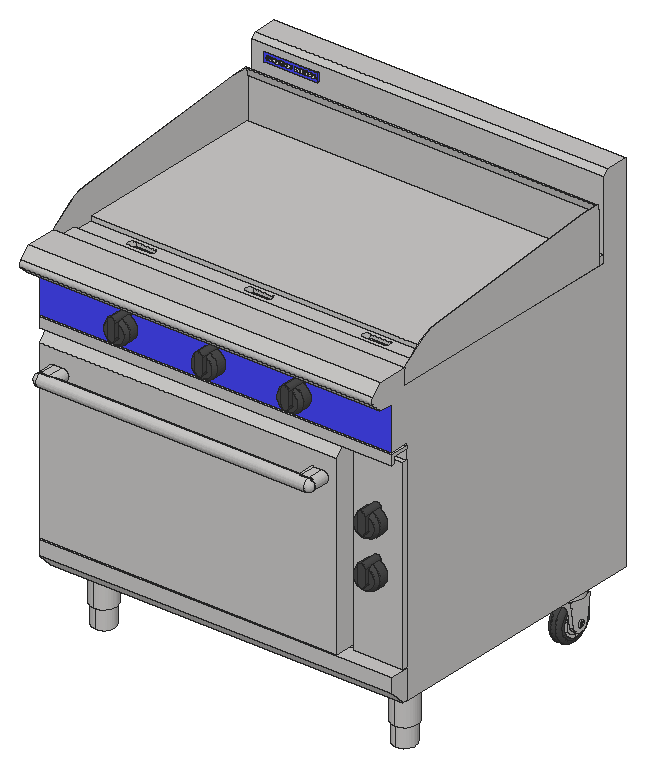
Revit family "QF_MOFFAT_BLUESEAL_CE_GE506A", category Specialty Equipment, Revit 2012
Parameters
  Width = 900 mm  # constant formula
  Weight in Pounds = 485
  Watts = 6500 W
  Volts = 400 V
  URL Cutsheet = "www.moffat.com"
  URL = "www.moffat.com"
  Type Mark [instance] = ""
  Status [instance] = ""
  Specification by User [instance] = ""
  Specification by Manufacturer = ""
  Show Logo [instance] = yes
  Show Clearance [instance] = yes
  Show Casters [instance] = yes
  Serial Number = ""
  Seismic Rating = ""
  SMACNA No = ""
  Revision Code [instance] = ""
  Phase = 3
  Omniclass Number and Title = ""
  Number of Poles [instance] = 1
  NAFEM Spec ID Number = ""
  Model = "GE506A"
  Min Ckt Ampacity = 0 A
  Mechanical Remarks = ""
  Mechanical Connection Type [instance] = ""
  Max Overcurrent Protection = 0 A
  Masterspec = ""
  Manufacturer = "MOFFAT BLUESEAL"
  Legs [instance] = not(Show Casters)  # no
  Item Number [instance] = ""
  Installed By [instance] = ""
  Identify Quantity as Lot [instance] = yes
  Height = 970 mm  # constant formula
  HP = ""
  Gas Size = 3/4"
  Gas RI Height [instance] = 0 mm
  Gas KW [instance] = 16.6
  Gas Input [instance] = 56869.0 Btu/h
  Gas Connection Height = 0 mm
  Furnished By [instance] = ""
  Foodservice Equipment Identifier [instance] = yes
  FL Amps = 9.4 A
  Electrical Remarks = "9.4A PER PHASE"
  Electric Connection Type = ""
  Elec Conn RI Height = 0 mm
  Elec Conn Connection Height = 0 mm
  Description = "900MM GAS RANGE WITH ELECTRIC STATIC OVEN"
  Depth = 812 mm  # constant formula
  Cycle = 50 Hz
  Conn Plug = ""
  Conn Conduit = yes
  CSI MasterFormat = ""
  CSI Master Format = ""
  Body Finish = QF_Finishes_Stainless Steel
  Apparent Power = 0 VA
Reference planes
  plane 1 "BACK": y = 0
  plane 2: z = 0
  plane 3 "LEFT": x = 0
  plane 4 "RIGHT": x = 900
  plane 5 "FRONT": y = -812
  plane 6 "TOP": z = 970
  plane 7 "Center Y": x = 450
  plane 8 "Center X": y = -406
  plane 9: x = 280
  plane 10: y = -574.272
  plane 11: x = 60
  plane 12: y = -304.972
  plane 13: y = -364.972
  plane 14: x = 74
  plane 15: y = -812
  plane 16: x = 834.5
  plane 17: y = -32
  plane 18: z = 655
  plane 19: y = -100
  plane 20: z = 1085
  plane 21: y = -705
Forms (mm)
  Extrusion 1, solid, material "QF_Finishes_Stainless Steel" <- "Body Finish"
    sketch origin (0, 0, 0) x (0, 1, 0) y (0, 0, 1)
      loop
        line (0, 150) -> (0, 1085) -> (-57.5, 1085) -> (-70, 1072.5) -> (-70, 875) -> (-705, 875) -> (-705, 915) -> (-783.97, 915) -> (-808.476, 890.494)
        arc (-808.476, 890.494) -> (-811.994, 882) -> (-808.476, 873.506) r 12.013
        line (-808.476, 873.506) -> (-784.97, 850) -> (-749, 850) -> (-749, 740) -> (-699, 740) -> (-699, 150) -> (0, 150)
    from 0 to 900
  Extrusion 2, solid, material "QF_Finishes_Stainless Steel"
    sketch origin (0, 7, 0) x (0, 1, 0) y (0, 0, 1)
      loop
        line (-706, 700) -> (-732, 700) -> (-756, 676) -> (-756, 227.5) -> (-706, 227.5) -> (-706, 700)
    from 0 to 760
  Extrusion 3, solid, material "QF_Finishes_Stainless Steel"
    sketch origin (723.5, 7, 0) x (0, 1, 0) y (0, 0, 1)
      loop
        line (-706, 700) -> (-721, 700) -> (-721, 227.5) -> (-706, 227.5) -> (-706, 700)
    from 51.5 to 176.5
  Revolve 4, solid, material "QF_Finishes_Stainless Steel" <- "Body Finish"
    sketch origin (834.5, -696.126, 0) x (0, 1, 0) y (0, 0, -1)
      loop
        line (39.376, -150) -> (71.126, -150) -> (71.126, 0) -> (43.626, 0) -> (43.626, -50) -> (39.376, -50) -> (39.376, -150)
      axis (71.126, -150) -> (71.126, 0)
    angle from 0 to 360
  Revolve 5, solid, material "QF_Finishes_Stainless Steel" <- "Body Finish"
    sketch origin (65.5, -696.126, 0) x (0, 1, 0) y (0, 0, 1)
      loop
        line (39.376, 150) -> (39.376, 50) -> (43.626, 50) -> (43.626, 0) -> (71.126, 0) -> (71.126, 150) -> (39.376, 150)
      axis (71.126, 150) -> (71.126, 0)
    angle from 0 to 360
  Extrusion 6, solid, material "QF_Finishes_Stainless Steel"
    sketch origin (-64.5, 0, 325) x (1, 0, 0) y (0, 1, 0)
      loop
        circle (834.5, -32) r 10
    from 330 to 371
  Revolve 7, solid, material "QF_Finishes_Black"
    sketch origin (669.351, 45.874, -0.118) x (0, 1, 0) y (0, 0, 1)
      loop
        line (-827.874, 829.5) -> (-838.874, 823.651) -> (-838.874, 797) -> (-794.874, 797) -> (-794.874, 802) -> (-804.874, 802) -> (-804.874, 829.5) -> (-827.874, 829.5)
      axis (-838.874, 797) -> (-794.874, 797)
    angle from 0 to 360
  Revolve 8, solid, material "QF_Finishes_Black"
    sketch origin (225.649, 45.874, -0.118) x (0, 1, 0) y (0, 0, -1)
      loop
        line (-827.874, -829.5) -> (-804.874, -829.5) -> (-804.874, -802) -> (-794.874, -802) -> (-794.874, -797) -> (-838.874, -797) -> (-838.874, -823.651) -> (-827.874, -829.5)
      axis (-838.874, -797) -> (-794.874, -797)
    angle from 0 to 360
  Revolve 9, solid, material "QF_Finishes_Black"
    sketch origin (450, 45.874, -0.118) x (0, 1, 0) y (0, 0, -1)
      loop
        line (-827.874, -829.5) -> (-804.874, -829.5) -> (-804.874, -802) -> (-794.874, -802) -> (-794.874, -797) -> (-838.874, -797) -> (-838.874, -823.651) -> (-827.874, -829.5)
      axis (-838.874, -797) -> (-794.874, -797)
    angle from 0 to 360
  Extrusion 10, solid, material "QF_Finishes_Black"
    sketch origin (373.456, 7, -0.118) x (-1, 0, 0) y (0, 0, -1)
      loop
        arc (158.3, -789) -> (148.3, -779) -> (138.3, -789) r 10
        line (138.3, -789) -> (138.3, -824)
        arc (138.3, -824) -> (148.3, -834) -> (158.3, -824) r 10
        line (158.3, -824) -> (158.3, -789)
    from 759 to 808
  Extrusion 11, solid, material "QF_Finishes_Black"
    sketch origin (521.544, 7, -0.118) x (1, 0, 0) y (0, 0, 1)
      loop
        line (158.3, 789) -> (158.3, 824)
        arc (158.3, 824) -> (148.3, 834) -> (138.3, 824) r 10
        line (138.3, 824) -> (138.3, 789)
        arc (138.3, 789) -> (148.3, 779) -> (158.3, 789) r 10
    from 759 to 808
  Extrusion 12, solid, material "QF_Finishes_Black"
    sketch origin (597.807, 7, -0.118) x (-1, 0, 0) y (0, 0, -1)
      loop
        arc (158.3, -789) -> (148.3, -779) -> (138.3, -789) r 10
        line (138.3, -789) -> (138.3, -824)
        arc (138.3, -824) -> (148.3, -834) -> (158.3, -824) r 10
        line (158.3, -824) -> (158.3, -789)
    from 759 to 808
  Revolve 13, solid, material "QF_Finishes_Black"
    sketch origin (836.851, 80.874, -243.743) x (0, 1, 0) y (0, 0, 1)
      loop
        line (-827.874, 829.5) -> (-838.874, 823.651) -> (-838.874, 797) -> (-794.874, 797) -> (-794.874, 802) -> (-804.874, 802) -> (-804.874, 829.5) -> (-827.874, 829.5)
      axis (-838.874, 797) -> (-794.874, 797)
    angle from 0 to 360
  Extrusion 14, solid, material "QF_Finishes_Black"
    sketch origin (689.044, 42, -243.743) x (1, 0, 0) y (0, 0, 1)
      loop
        line (158.3, 789) -> (158.3, 824)
        arc (158.3, 824) -> (148.3, 834) -> (138.3, 824) r 10
        line (138.3, 824) -> (138.3, 789)
        arc (138.3, 789) -> (148.3, 779) -> (158.3, 789) r 10
    from 759 to 808
  Extrusion 15, solid, material "QF_Door-Drawer Clearances", visible <- "Show Clearance", detail levels coarse
    sketch origin (0, 7, 0) x (0, -1, 0) y (0, 0, 1)
      loop
        line (756, 697.347) -> (756, 227.5) -> (1225.847, 227.5)
        arc (1225.847, 227.5) -> (1088.232, 559.732) -> (756, 697.347) r 469.847
    from 0 to -760
  Extrusion 16, void
    sketch origin (0, 0, 220) x (1, 0, 0) y (0, 1, 0)
      loop
        line (824, -87) -> (824, 0) -> (694, 0) -> (694, -39) -> (744, -87) -> (824, -87)
    from 0 to 476
  Extrusion 17, solid, material "QF_Finishes_Stainless Steel"
    sketch origin (0, -749, 227.5) x (0, 0, 1) y (-1, 0, 0)
      loop
        line (380.625, -38.246) -> (380.625, -58.528)
        arc (380.625, -58.528) -> (395.625, -73.528) -> (410.625, -58.528) r 15
        line (410.625, -58.528) -> (410.625, -38.246)
        arc (410.625, -38.246) -> (395.625, -23.246) -> (380.625, -38.246) r 15
      loop
        arc (380.625, -723.039) -> (395.625, -738.039) -> (410.625, -723.039) r 15
        line (410.625, -723.039) -> (410.625, -702.757)
        arc (410.625, -702.757) -> (395.625, -687.757) -> (380.625, -702.757) r 15
        line (380.625, -702.757) -> (380.625, -723.039)
    from 0 to 44
  Revolve 18, solid, material "QF_Finishes_Stainless Steel"
    sketch origin (0, -793, 0) x (1, 0, 0) y (0, 0, 1)
      loop
        arc (738.039, 623.125) -> (733.646, 633.732) -> (723.039, 638.125) r 15
        line (723.039, 638.125) -> (38.246, 638.125)
        arc (38.246, 638.125) -> (27.64, 633.732) -> (23.246, 623.125) r 15
        line (23.246, 623.125) -> (738.039, 623.125)
      axis (738.039, 623.125) -> (23.246, 623.125)
    angle from 0 to 360
  Extrusion 19, solid, material "QF_Finishes_Stainless Steel" <- "Body Finish"
    sketch origin (0, 7, 0) x (0, 1, 0) y (0, 0, 1)
      loop
        line (-756, 710) -> (-747.224, 710) -> (-749.613, 726.999) -> (-707.93, 726.999) -> (-707.93, 734.003) -> (-756, 734.003) -> (-756, 710)
    from 0 to 900
  Extrusion 20, solid, material "QF_Finishes_Stainless Steel" <- "Body Finish"
    sketch origin (0, 4.73, 0) x (0, 1, 0) y (0, 0, 1)
      loop
        line (-753.73, 222.5) -> (-753.73, 186) -> (-717.802, 150.071) -> (-703.73, 150.071) -> (-703.73, 222.5) -> (-753.73, 222.5)
    from 0 to 900
  Extrusion 21, solid, material "QF_Finishes_Stainless Steel", visible <- "Show Casters"
    sketch origin (71.501, 133.353, -8.783) x (0, 1, 0) y (0, 0, 1)
      loop
        line (-201.603, 118.783) -> (-265.103, 118.783) -> (-252.746, 53.895)
        arc (-252.746, 53.895) -> (-233.353, 38.783) -> (-213.959, 53.895) r 20
        line (-213.959, 53.895) -> (-201.603, 118.783)
    from -35.667 to 22.923
  Revolve 22, solid, material "QF_Finishes_Stainless Steel", visible <- "Show Casters"
    sketch origin (65, -203, 0) x (0, 1, 0) y (0, 0, 1)
      loop
        line (67.25, 150) -> (67.25, 110) -> (103, 110) -> (103, 150) -> (67.25, 150)
      axis (103, 150) -> (103, 110)
    angle from 0 to 360
  Revolve 23, solid, material "QF_Finishes_Stainless Steel", visible <- "Show Casters"
    sketch origin (834.5, -203, 0) x (0, 1, 0) y (0, 0, -1)
      loop
        line (67.25, -150) -> (103, -150) -> (103, -110) -> (67.25, -110) -> (67.25, -150)
      axis (103, -150) -> (103, -110)
    angle from 0 to 360
  Revolve 24, solid, material "QF_Finishes_Stainless Steel", visible <- "Show Casters"
    sketch origin (785.276, -99.755, -13.653) x (1, 0, 0) y (0, 0, 1)
      loop
        line (14.841, 64.453) -> (83.584, 64.453) -> (83.584, 67.958) -> (82.314, 69.228) -> (80.79, 69.228) -> (80.79, 72.674) -> (68.644, 72.674) -> (68.644, 82.639) -> (65.088, 84.692) -> (63.738, 93.028) -> (65.881, 93.028) -> (65.881, 99.378) -> (65.088, 99.378) -> (65.088, 105.728)
        arc (65.088, 105.728) -> (62.298, 112.463) -> (55.563, 115.253) r 9.525
        line (55.563, 115.253) -> (42.863, 115.253)
        arc (42.863, 115.253) -> (36.127, 112.463) -> (33.338, 105.728) r 9.525
        line (33.338, 105.728) -> (33.338, 99.378) -> (32.544, 99.378) -> (32.544, 93.028) -> (34.687, 93.028) -> (33.352, 84.781) -> (29.782, 82.719) -> (29.782, 72.674) -> (17.635, 72.674) -> (17.635, 69.228) -> (16.111, 69.228) -> (14.841, 67.958) -> (14.841, 64.453)
      axis (14.841, 64.453) -> (83.584, 64.453)
    angle from 0 to 360
  Extrusion 25, solid, material "QF_Finishes_Stainless Steel", visible <- "Show Casters"
    sketch origin (841.001, 133.353, -8.783) x (0, 1, 0) y (0, 0, 1)
      loop
        line (-201.603, 118.783) -> (-265.103, 118.783) -> (-252.746, 53.895)
        arc (-252.746, 53.895) -> (-233.353, 38.783) -> (-213.959, 53.895) r 20
        line (-213.959, 53.895) -> (-201.603, 118.783)
    from -35.667 to 22.923
  Revolve 26, solid, material "QF_Finishes_Stainless Steel", visible <- "Legs"
    sketch origin (65, -165, 0) x (0, 1, 0) y (0, 0, 1)
      loop
        line (33.25, 150) -> (33.25, 50) -> (37.5, 50) -> (37.5, 0) -> (65, 0) -> (65, 150) -> (33.25, 150)
      axis (65, 150) -> (65, 0)
    angle from 0 to 360
  Revolve 27, solid, material "QF_Finishes_Stainless Steel", visible <- "Legs"
    sketch origin (834.5, -165, 0) x (0, 1, 0) y (0, 0, -1)
      loop
        line (33.25, -150) -> (65, -150) -> (65, 0) -> (37.5, 0) -> (37.5, -50) -> (33.25, -50) -> (33.25, -150)
      axis (65, -150) -> (65, 0)
    angle from 0 to 360
  Revolve 28, solid, material "QF_Finishes_Stainless Steel", visible <- "Show Casters"
    sketch origin (114.224, -99.755, -13.653) x (-1, 0, 0) y (0, 0, -1)
      loop
        line (14.841, -64.453) -> (14.841, -67.958) -> (16.111, -69.228) -> (17.635, -69.228) -> (17.635, -72.674) -> (29.782, -72.674) -> (29.782, -82.719) -> (33.352, -84.781) -> (34.687, -93.028) -> (32.544, -93.028) -> (32.544, -99.378) -> (33.338, -99.378) -> (33.338, -105.728)
        arc (33.338, -105.728) -> (36.127, -112.463) -> (42.863, -115.253) r 9.525
        line (42.863, -115.253) -> (55.563, -115.253)
        arc (55.563, -115.253) -> (62.298, -112.463) -> (65.088, -105.728) r 9.525
        line (65.088, -105.728) -> (65.088, -99.378) -> (65.881, -99.378) -> (65.881, -93.028) -> (63.738, -93.028) -> (65.088, -84.692) -> (68.644, -82.639) -> (68.644, -72.674) -> (80.79, -72.674) -> (80.79, -69.228) -> (82.314, -69.228) -> (83.584, -67.958) -> (83.584, -64.453) -> (14.841, -64.453)
      axis (14.841, -64.453) -> (83.584, -64.453)
    angle from 0 to 360
  Extrusion 29, solid, material "QF_Finishes_Stainless Steel"
    sketch origin (0, 0, 0) x (1, 0, 0) y (0, 1, 0)
      loop
        circle (826, -501) r 6.35
    from 150 to 147.817
  Revolve 30, solid, material "QF_Finishes_Black"
    sketch origin (836.851, 80.874, -363.743) x (0, 1, 0) y (0, 0, 1)
      loop
        line (-827.874, 829.5) -> (-838.874, 823.651) -> (-838.874, 797) -> (-794.874, 797) -> (-794.874, 802) -> (-804.874, 802) -> (-804.874, 829.5) -> (-827.874, 829.5)
      axis (-838.874, 797) -> (-794.874, 797)
    angle from 0 to 360
  Extrusion 31, solid, material "QF_Finishes_Black"
    sketch origin (689.044, 42, -363.743) x (1, 0, 0) y (0, 0, 1)
      loop
        line (158.3, 789) -> (158.3, 824)
        arc (158.3, 824) -> (148.3, 834) -> (138.3, 824) r 10
        line (138.3, 824) -> (138.3, 789)
        arc (138.3, 789) -> (148.3, 779) -> (158.3, 789) r 10
    from 759 to 808
Cuts and joins
  Extrusion 16 cuts Extrusion 1
Lines and regions (mm)
  Split face 1
    outline origin (900, 0, 1085) x (-1, 0, 0) y (0, -1, 0)
      loop
        arc (867.206, 18.385) -> (875.866, 23.385) -> (875.866, 33.385) r 10
        line (875.866, 33.385) -> (871.824, 40.385)
        arc (871.824, 40.385) -> (868.164, 44.045) -> (863.164, 45.385) r 10
        line (863.164, 45.385) -> (635.206, 45.385)
        arc (635.206, 45.385) -> (626.545, 40.385) -> (626.545, 30.385) r 10
        line (626.545, 30.385) -> (630.587, 23.385)
        arc (630.587, 23.385) -> (634.247, 19.725) -> (639.247, 18.385) r 10
        line (639.247, 18.385) -> (867.206, 18.385)
  Split face 2
    outline origin (900, 0, 1085) x (-1, 0, 0) y (0, -1, 0)
      loop
        arc (567.206, 18.385) -> (575.866, 23.385) -> (575.866, 33.385) r 10
        line (575.866, 33.385) -> (571.824, 40.385)
        arc (571.824, 40.385) -> (568.164, 44.045) -> (563.164, 45.385) r 10
        line (563.164, 45.385) -> (335.206, 45.385)
        arc (335.206, 45.385) -> (326.545, 40.385) -> (326.545, 30.385) r 10
        line (326.545, 30.385) -> (330.587, 23.385)
        arc (330.587, 23.385) -> (334.247, 19.725) -> (339.247, 18.385) r 10
        line (339.247, 18.385) -> (567.206, 18.385)
  Split face 3
    outline origin (900, 0, 1085) x (-1, 0, 0) y (0, -1, 0)
      loop
        arc (35.206, 45.385) -> (26.545, 40.385) -> (26.545, 30.385) r 10
        line (26.545, 30.385) -> (30.587, 23.385)
        arc (30.587, 23.385) -> (34.247, 19.725) -> (39.247, 18.385) r 10
        line (39.247, 18.385) -> (267.206, 18.385)
        arc (267.206, 18.385) -> (275.866, 23.385) -> (275.866, 33.385) r 10
        line (275.866, 33.385) -> (271.824, 40.385)
        arc (271.824, 40.385) -> (268.164, 44.045) -> (263.164, 45.385) r 10
        line (263.164, 45.385) -> (35.206, 45.385)
  symbolic lines
    curve 1: line (0, 0, 0) -> (0, -812, 0)
    curve 2: line (900, 0, 0) -> (0, 0, 0)
    curve 3: line (900, -812, 0) -> (900, 0, 0)
    curve 4: line (0, -70, 0) -> (900, -70, 0)
    curve 5: line (900, -812, 0) -> (0, -812, 0)
    curve 6: line (900, -705, 0) -> (0, -705, 0)
    curve 7: line (0, -701.7, 0) -> (900, -701.7, 0)
    curve 8: line (900, -72.734, 0) -> (0, -72.734, 0)
    curve 9: arc (22.65, -812, 0) -> (34.104, -822.278, 0) -> (48.889, -826.544, 0) r 34.455
    curve 10: line (48.889, -826.544, 0) -> (721.858, -826.544, 0)
    curve 11: arc (721.858, -826.544, 0) -> (736.403, -822.647, 0) -> (747.05, -812, 0) r 29.089
    curve 15: line (32.794, -18.385, 0) -> (260.753, -18.385, 0)
    curve 16: arc (260.753, -18.385, 0) -> (265.753, -19.725, 0) -> (269.413, -23.385, 0) r 10
    curve 17: line (269.413, -23.385, 0) -> (273.455, -30.385, 0)
    curve 18: arc (273.455, -30.385, 0) -> (273.455, -40.385, 0) -> (264.794, -45.385, 0) r 10
    curve 19: line (264.794, -45.385, 0) -> (36.836, -45.385, 0)
    curve 20: arc (36.836, -45.385, 0) -> (31.836, -44.045, 0) -> (28.176, -40.385, 0) r 10
    curve 21: line (28.176, -40.385, 0) -> (24.134, -33.385, 0)
    curve 22: arc (24.134, -33.385, 0) -> (24.134, -23.385, 0) -> (32.794, -18.385, 0) r 10
    curve 23: line (560.753, -18.385, 0) -> (332.794, -18.385, 0)
    curve 24: arc (332.794, -18.385, 0) -> (324.134, -23.385, 0) -> (324.134, -33.385, 0) r 10
    curve 25: line (324.134, -33.385, 0) -> (328.176, -40.385, 0)
    curve 26: arc (328.176, -40.385, 0) -> (331.836, -44.045, 0) -> (336.836, -45.385, 0) r 10
    curve 27: line (336.836, -45.385, 0) -> (564.794, -45.385, 0)
    curve 28: arc (564.794, -45.385, 0) -> (573.455, -40.385, 0) -> (573.455, -30.385, 0) r 10
    curve 29: line (573.455, -30.385, 0) -> (569.413, -23.385, 0)
    curve 30: arc (569.413, -23.385, 0) -> (565.753, -19.725, 0) -> (560.753, -18.385, 0) r 10
    curve 31: line (632.794, -18.385, 0) -> (860.753, -18.385, 0)
    curve 32: arc (860.753, -18.385, 0) -> (865.753, -19.725, 0) -> (869.413, -23.385, 0) r 10
    curve 33: line (869.413, -23.385, 0) -> (873.455, -30.385, 0)
    curve 34: arc (873.455, -30.385, 0) -> (873.455, -40.385, 0) -> (864.794, -45.385, 0) r 10
    curve 35: line (864.794, -45.385, 0) -> (636.836, -45.385, 0)
    curve 36: arc (636.836, -45.385, 0) -> (631.836, -44.045, 0) -> (628.176, -40.385, 0) r 10
    curve 37: line (628.176, -40.385, 0) -> (624.134, -33.385, 0)
    curve 38: arc (624.134, -33.385, 0) -> (624.134, -23.385, 0) -> (632.794, -18.385, 0) r 10
    curve 39: line (0, -783.97, 0) -> (900, -783.97, 0)
    curve 40: line (0, -57.5, 0) -> (900, -57.5, 0)
  symbolic lines, style "QF_Door-Drawer Clearances", visible <- "Show Clearance"
    curve 12: line (0, -1218.847, 0) -> (0, -812, 0)
    curve 13: line (0, -1218.847, 0) -> (760, -1218.847, 0)
    curve 14: line (760, -1218.847, 0) -> (760, -812, 0)
Dimensions and locks
  equal spacing: plane 3 "LEFT", plane 7 "Center Y", plane 4 "RIGHT"
  "Width": plane 3 "LEFT" to plane 4 "RIGHT"
  equal spacing: plane 5 "FRONT", plane 8 "Center X", plane 1 "BACK"
  plane 5 "FRONT" to plane 1 "BACK" = 812 mm  (x2)
  equal spacing: plane 4 "RIGHT", plane 7 "Center Y", plane 3 "LEFT"
  plane 4 "RIGHT" to plane 3 "LEFT" = 900 mm
  "Height": plane 6 "TOP" to level
  plane 10 to plane 1 "BACK" = 574.272 mm
  plane 12 to plane 1 "BACK" = 304.972 mm  (x2)
  plane 11 to plane 3 "LEFT" = 60 mm
  plane 14 to plane 3 "LEFT" = 74 mm
  plane 9 to plane 3 "LEFT" = 280 mm
  "Depth": plane 1 "BACK" to plane 15
  plane 15 to plane 5 "FRONT" = 0 mm
  plane 6 "TOP" to plane 2 = 970 mm
  plane 2 to Extrusion 1 sketch curve = 875 mm
  locked: plane 2 to Extrusion 1 sketch curve at 915
  Revolve 24 sketch curve to Revolve 24 sketch curve = 50.8 mm
  Revolve 28 sketch curve to Revolve 28 sketch curve = 50.8 mm
  plane 20 to level = 1085 mm
  Extrusion 29 sketch curve to plane 1 "BACK" = 501 mm
  Extrusion 29 sketch curve to plane 4 "RIGHT" = 74 mm
  aligned and locked: level to plane 2
  aligned and locked: curve 3 to plane 4 "RIGHT"
Automatic sketch dimensions
  plane 1 "BACK" to curve 1 = 0 mm
  curve 1 to plane 3 "LEFT" = 0 mm
  plane 5 "FRONT" to curve 9 = 0 mm
  plane 21 to curve 6 = 0 mm
  plane 3 "LEFT" to curve 9 = 22.65 mm
  curve 21 to plane 17 = 1.385 mm
  plane 3 "LEFT" to curve 21 = 24.134 mm
  curve 21 to curve 20 = 4.041 mm
  plane 17 to curve 22 = 13.615 mm
  curve 22 to curve 22 = 8.66 mm
  curve 20 to plane 17 = 3.385 mm
  curve 22 to curve 20 = 4.041 mm
  curve 9 to plane 11 = 11.111 mm
  curve 9 to plane 11 = 9.192 mm
  curve 15 to plane 9 = 19.247 mm
  curve 19 to plane 9 = 15.206 mm
  plane 17 to curve 17 = 8.615 mm
  curve 16 to curve 17 = 8.66 mm
  plane 17 to curve 17 = 1.615 mm
  curve 17 to plane 9 = 6.545 mm
  curve 24 to plane 17 = 1.385 mm
  plane 9 to curve 24 = 44.134 mm
  curve 25 to curve 26 = 4.041 mm
  plane 17 to curve 24 = 3.615 mm
  curve 24 to curve 24 = 8.66 mm
  curve 26 to plane 17 = 3.385 mm
  curve 24 to curve 26 = 4.041 mm
  plane 17 to curve 30 = 3.615 mm
  plane 7 "Center Y" to curve 30 = 110.753 mm
  curve 28 to plane 17 = 3.385 mm
  curve 30 to curve 28 = 4.041 mm  (x2)
  plane 17 to curve 29 = 8.615 mm
  plane 17 to curve 28 = 1.615 mm
  curve 38 to plane 17 = 1.385 mm
  curve 29 to curve 38 = 50.679 mm
  curve 37 to curve 36 = 4.041 mm
  plane 17 to curve 38 = 3.615 mm
  curve 38 to curve 38 = 8.66 mm
  curve 36 to curve 36 = 8.66 mm
  plane 5 "FRONT" to curve 11 = 14.544 mm
  curve 11 to plane 16 = 112.642 mm
  curve 11 to curve 11 = 25.191 mm
  curve 14 to plane 16 = 74.5 mm
  plane 16 to curve 32 = 26.253 mm
  curve 34 to plane 17 = 3.385 mm
  curve 32 to curve 34 = 4.041 mm
  plane 17 to curve 33 = 8.615 mm
  curve 31 to curve 33 = 8.66 mm
  plane 17 to curve 33 = 1.615 mm
  curve 32 to curve 33 = 4.041 mm
  curve 12 to curve 10 = 392.303 mm
  curve 39 to plane 5 "FRONT" = 28.03 mm
  curve 7 to plane 21 = 3.3 mm
  plane 19 to curve 8 = 27.266 mm
  curve 8 to curve 4 = 2.734 mm
  curve 4 to curve 40 = 12.5 mm
  curve 20 to curve 20 = 10 mm
  curve 36 to curve 37 = 7 mm
  Extrusion 1 sketch curve to plane 21 = 0 mm
  Extrusion 1 sketch curve to plane 20 = 0 mm
  Extrusion 1 sketch curve to plane 1 "BACK" = 0 mm
  plane 21 to Extrusion 1 sketch curve = 44 mm
  Extrusion 1 sketch curve to plane 5 "FRONT" = 28.03 mm
  Extrusion 1 sketch curve to plane 5 "FRONT" = 27.03 mm
  Extrusion 1 sketch curve to plane 5 "FRONT" = 12.018 mm
  Extrusion 1 sketch curve to plane 5 "FRONT" = 3.524 mm  (x2)
  Extrusion 1 sketch curve to plane 21 = 6 mm
  Extrusion 1 sketch curve to plane 20 = 12.5 mm
  plane 19 to Extrusion 1 sketch curve = 30 mm
  Extrusion 1 sketch curve to Extrusion 1 sketch curve = 12.5 mm
  Extrusion 1 sketch curve to Extrusion 1 sketch curve = 41.494 mm
  Extrusion 1 sketch curve to Extrusion 1 sketch curve = 25 mm
  plane 18 to Extrusion 1 sketch curve = 85 mm
  level to Extrusion 1 sketch curve = 150 mm
  Extrusion 1 sketch curve to Extrusion 1 sketch curve = 8.494 mm
  plane 21 to Extrusion 2 sketch curve = 44 mm
  plane 21 to Extrusion 2 sketch curve = 20 mm
  Extrusion 2 sketch curve to plane 21 = 6 mm
  level to Extrusion 2 sketch curve = 227.5 mm
  plane 18 to Extrusion 2 sketch curve = 21 mm
  plane 18 to Extrusion 2 sketch curve = 45 mm
  plane 21 to Extrusion 3 sketch curve = 9 mm
  Extrusion 3 sketch curve to plane 21 = 6 mm
  level to Extrusion 3 sketch curve = 227.5 mm
  plane 18 to Extrusion 3 sketch curve = 45 mm
  Revolve 4 sketch curve to level = 0 mm
  Revolve 4 sketch curve to plane 21 = 48.25 mm
  Revolve 4 sketch curve to Revolve 4 sketch curve = 4.25 mm
  Revolve 4 sketch curve to Revolve 4 sketch curve = 27.5 mm  (x2)
  level to Revolve 4 sketch curve = 50 mm
  Revolve 4 sketch curve to Revolve 4 sketch curve = 0 mm
  Revolve 4 sketch curve to Revolve 4 sketch curve = 100 mm
  Revolve 4 sketch curve to Revolve 4 sketch curve = 55 mm
  Revolve 5 sketch curve to level = 0 mm
  Revolve 5 sketch curve to plane 21 = 48.25 mm
  Revolve 5 sketch curve to Revolve 5 sketch curve = 4.25 mm
  Revolve 5 sketch curve to Revolve 5 sketch curve = 27.5 mm  (x2)
  Revolve 5 sketch curve to level = 55 mm
  Revolve 5 sketch curve to Revolve 5 sketch curve = 50 mm
  Revolve 5 sketch curve to Revolve 5 sketch curve = 0 mm
  Revolve 5 sketch curve to Revolve 5 sketch curve = 100 mm
  Extrusion 6 sketch curve to plane 17 = 0 mm
  Extrusion 6 sketch curve to plane 16 = 64.5 mm
  Revolve 7 sketch curve to plane 5 "FRONT" = 19 mm
  Revolve 7 sketch curve to Revolve 7 sketch curve = 0 mm  (x2)
  Revolve 7 sketch curve to Revolve 7 sketch curve = 11 mm
  Revolve 7 sketch curve to Revolve 7 sketch curve = 12.7 mm
  Revolve 7 sketch curve to Revolve 7 sketch curve = 23 mm
  Revolve 7 sketch curve to Revolve 7 sketch curve = 10 mm
  plane 18 to Revolve 7 sketch curve = 141.882 mm
  Revolve 7 sketch curve to Revolve 7 sketch curve = 5 mm
  Revolve 7 sketch curve to Revolve 7 sketch curve = 26.651 mm
  Revolve 7 sketch curve to Revolve 7 sketch curve = 5.849 mm
  Revolve 8 sketch curve to plane 5 "FRONT" = 19 mm
  Revolve 8 sketch curve to Revolve 8 sketch curve = 0 mm  (x2)
  Revolve 8 sketch curve to Revolve 8 sketch curve = 11 mm
  Revolve 8 sketch curve to Revolve 8 sketch curve = 12.7 mm
  Revolve 8 sketch curve to Revolve 8 sketch curve = 23 mm
  Revolve 8 sketch curve to Revolve 8 sketch curve = 10 mm
  Revolve 8 sketch curve to plane 6 "TOP" = 140.618 mm
  Revolve 8 sketch curve to Revolve 8 sketch curve = 5.849 mm
  Revolve 8 sketch curve to Revolve 8 sketch curve = 27.5 mm
  Revolve 8 sketch curve to Revolve 8 sketch curve = 5 mm
  Revolve 9 sketch curve to plane 5 "FRONT" = 19 mm
  Revolve 9 sketch curve to Revolve 9 sketch curve = 0 mm  (x2)
  Revolve 9 sketch curve to Revolve 9 sketch curve = 11 mm
  Revolve 9 sketch curve to Revolve 9 sketch curve = 12.7 mm
  Revolve 9 sketch curve to Revolve 9 sketch curve = 23 mm
  Revolve 9 sketch curve to Revolve 9 sketch curve = 10 mm
  Revolve 9 sketch curve to plane 6 "TOP" = 140.618 mm
  Revolve 9 sketch curve to Revolve 9 sketch curve = 5.849 mm
  Revolve 9 sketch curve to Revolve 9 sketch curve = 27.5 mm
  Revolve 9 sketch curve to Revolve 9 sketch curve = 5 mm
  plane 14 to Extrusion 10 sketch curve = 161.156 mm
  Extrusion 10 sketch curve to Extrusion 10 sketch curve = 10 mm
  Extrusion 10 sketch curve to plane 6 "TOP" = 146.118 mm
  Extrusion 10 sketch curve to Extrusion 10 sketch curve = 35 mm
  Extrusion 11 sketch curve to plane 16 = 174.656 mm
  Extrusion 11 sketch curve to Extrusion 11 sketch curve = 10 mm
  plane 18 to Extrusion 11 sketch curve = 133.882 mm
  Extrusion 11 sketch curve to Extrusion 11 sketch curve = 35 mm
  plane 7 "Center Y" to Extrusion 12 sketch curve = 9.507 mm
  Extrusion 12 sketch curve to Extrusion 12 sketch curve = 10 mm
  Extrusion 12 sketch curve to plane 6 "TOP" = 146.118 mm
  Extrusion 12 sketch curve to Extrusion 12 sketch curve = 35 mm
  plane 21 to Revolve 13 sketch curve = 53 mm
  Revolve 13 sketch curve to Revolve 13 sketch curve = 0 mm  (x2)
  Revolve 13 sketch curve to Revolve 13 sketch curve = 11 mm
  Revolve 13 sketch curve to Revolve 13 sketch curve = 12.7 mm
  plane 21 to Revolve 13 sketch curve = 19 mm
  plane 21 to Revolve 13 sketch curve = 9 mm
  Revolve 13 sketch curve to plane 18 = 101.743 mm
  Revolve 13 sketch curve to Revolve 13 sketch curve = 5 mm
  Revolve 13 sketch curve to Revolve 13 sketch curve = 26.651 mm
  Revolve 13 sketch curve to Revolve 13 sketch curve = 5.849 mm
  Extrusion 14 sketch curve to plane 16 = 7.156 mm
  plane 16 to Extrusion 14 sketch curve = 2.844 mm
  Extrusion 14 sketch curve to plane 18 = 109.743 mm
  Extrusion 14 sketch curve to Extrusion 14 sketch curve = 35 mm
  plane 21 to Extrusion 15 sketch curve = 44 mm
  level to Extrusion 15 sketch curve = 227.5 mm
  plane 5 "FRONT" to Extrusion 15 sketch curve = 406.847 mm
  plane 1 "BACK" to Extrusion 16 sketch curve = 0 mm
  Extrusion 16 sketch curve to plane 17 = 7 mm
  Extrusion 16 sketch curve to plane 16 = 140.5 mm
  plane 19 to Extrusion 16 sketch curve = 13 mm
  Extrusion 16 sketch curve to Extrusion 16 sketch curve = 50 mm
  Extrusion 16 sketch curve to plane 16 = 10.5 mm
  Extrusion 17 sketch curve to plane 11 = 1.472 mm
  Extrusion 17 sketch curve to plane 18 = 46.875 mm  (x2)
  Extrusion 17 sketch curve to Extrusion 17 sketch curve = 15 mm  (x2)
  Extrusion 17 sketch curve to plane 16 = 131.743 mm
  Extrusion 17 sketch curve to Extrusion 17 sketch curve = 20.282 mm  (x2)
  Revolve 18 sketch curve to plane 3 "LEFT" = 6.961 mm
  plane 3 "LEFT" to Revolve 18 sketch curve = 23.246 mm
  Revolve 18 sketch curve to plane 18 = 16.875 mm
  Revolve 18 sketch curve to Revolve 18 sketch curve = 15 mm
  Revolve 18 sketch curve to plane 18 = 31.875 mm
  plane 7 "Center Y" to Revolve 18 sketch curve = 138.039 mm
  Revolve 18 sketch curve to plane 16 = 111.461 mm
  plane 21 to Extrusion 19 sketch curve = 44 mm
  Extrusion 19 sketch curve to Extrusion 19 sketch curve = 6.387 mm
  Extrusion 19 sketch curve to Extrusion 19 sketch curve = 8.776 mm
  Extrusion 19 sketch curve to plane 21 = 4.07 mm
  plane 18 to Extrusion 19 sketch curve = 55 mm
  Extrusion 19 sketch curve to Extrusion 19 sketch curve = 16.999 mm
  Extrusion 19 sketch curve to Extrusion 19 sketch curve = 7.004 mm
  plane 21 to Extrusion 20 sketch curve = 44 mm
  plane 21 to Extrusion 20 sketch curve = 8.071 mm
  Extrusion 20 sketch curve to plane 21 = 6 mm
  level to Extrusion 20 sketch curve = 150.071 mm
  Extrusion 20 sketch curve to Extrusion 20 sketch curve = 35.929 mm
  Extrusion 20 sketch curve to Extrusion 20 sketch curve = 36.5 mm
  Extrusion 21 sketch curve to plane 19 = 0 mm
  Extrusion 21 sketch curve to plane 19 = 19.393 mm
  Extrusion 21 sketch curve to plane 19 = 31.75 mm
  plane 19 to Extrusion 21 sketch curve = 19.393 mm
  plane 19 to Extrusion 21 sketch curve = 31.75 mm
  level to Extrusion 21 sketch curve = 45.111 mm
  Extrusion 21 sketch curve to Extrusion 21 sketch curve = 4.889 mm
  Extrusion 21 sketch curve to Extrusion 21 sketch curve = 64.889 mm
  Revolve 22 sketch curve to plane 19 = 0 mm  (x2)
  Revolve 22 sketch curve to plane 19 = 35.75 mm
  Revolve 22 sketch curve to level = 55 mm
  level to Revolve 22 sketch curve = 50 mm
  Revolve 22 sketch curve to Revolve 22 sketch curve = 60 mm
  Revolve 22 sketch curve to Revolve 22 sketch curve = 40 mm
  Revolve 23 sketch curve to plane 19 = 0 mm  (x2)
  Revolve 23 sketch curve to plane 19 = 35.75 mm
  level to Revolve 23 sketch curve = 150 mm
  Revolve 23 sketch curve to Revolve 23 sketch curve = 40 mm
  level to Revolve 23 sketch curve = 50 mm
  Revolve 23 sketch curve to level = 55 mm
  Revolve 24 sketch curve to plane 16 = 34.382 mm
  Revolve 24 sketch curve to Revolve 24 sketch curve = 1.27 mm  (x4)
  Revolve 24 sketch curve to Revolve 24 sketch curve = 1.524 mm  (x2)
  Revolve 24 sketch curve to Revolve 24 sketch curve = 12.146 mm  (x2)
  Revolve 24 sketch curve to plane 16 = 16.68 mm
  Revolve 24 sketch curve to Revolve 24 sketch curve = 0.794 mm  (x2)
  Revolve 24 sketch curve to Revolve 24 sketch curve = 3.57 mm
  Revolve 24 sketch curve to Revolve 24 sketch curve = 2.143 mm
  Revolve 24 sketch curve to plane 16 = 6.361 mm
  plane 16 to Revolve 24 sketch curve = 5.13 mm
  plane 16 to Revolve 24 sketch curve = 6.339 mm
  plane 16 to Revolve 24 sketch curve = 14.515 mm
  Revolve 24 sketch curve to Revolve 24 sketch curve = 1.349 mm  (x2)
  Revolve 24 sketch curve to Revolve 24 sketch curve = 3.556 mm
  Revolve 24 sketch curve to plane 4 "RIGHT" = 2.18 mm
  level to Revolve 24 sketch curve = 50.8 mm
  Revolve 24 sketch curve to Revolve 24 sketch curve = 0 mm
  Revolve 24 sketch curve to Revolve 24 sketch curve = 3.505 mm  (x2)
  Revolve 24 sketch curve to Revolve 24 sketch curve = 3.447 mm  (x2)
  Revolve 24 sketch curve to Revolve 24 sketch curve = 9.964 mm
  Revolve 24 sketch curve to Revolve 24 sketch curve = 10.045 mm
  Revolve 24 sketch curve to Revolve 24 sketch curve = 2.053 mm
  Revolve 24 sketch curve to Revolve 24 sketch curve = 2.061 mm
  Revolve 24 sketch curve to Revolve 24 sketch curve = 8.247 mm
  Revolve 24 sketch curve to Revolve 24 sketch curve = 8.336 mm
  Revolve 24 sketch curve to Revolve 24 sketch curve = 6.35 mm  (x2)
  Extrusion 25 sketch curve to plane 19 = 0 mm
  Extrusion 25 sketch curve to plane 19 = 19.393 mm
  Extrusion 25 sketch curve to plane 19 = 31.75 mm
  plane 19 to Extrusion 25 sketch curve = 19.393 mm
  plane 19 to Extrusion 25 sketch curve = 31.75 mm
  level to Extrusion 25 sketch curve = 45.111 mm
  Extrusion 25 sketch curve to Extrusion 25 sketch curve = 4.889 mm
  Extrusion 25 sketch curve to Extrusion 25 sketch curve = 64.889 mm
  Revolve 26 sketch curve to level = 0 mm
  Revolve 26 sketch curve to plane 19 = 0 mm  (x2)
  Revolve 26 sketch curve to Revolve 26 sketch curve = 27.5 mm
  Revolve 26 sketch curve to Revolve 26 sketch curve = 31.75 mm
  Revolve 26 sketch curve to level = 55 mm
  Revolve 26 sketch curve to Revolve 26 sketch curve = 50 mm
  Revolve 26 sketch curve to Revolve 26 sketch curve = 0 mm
  Revolve 26 sketch curve to Revolve 26 sketch curve = 100 mm
  Revolve 27 sketch curve to level = 0 mm
  Revolve 27 sketch curve to plane 19 = 0 mm  (x2)
  Revolve 27 sketch curve to Revolve 27 sketch curve = 27.5 mm
  Revolve 27 sketch curve to Revolve 27 sketch curve = 31.75 mm
  level to Revolve 27 sketch curve = 50 mm
  Revolve 27 sketch curve to Revolve 27 sketch curve = 0 mm
  Revolve 27 sketch curve to Revolve 27 sketch curve = 100 mm
  Revolve 27 sketch curve to Revolve 27 sketch curve = 55 mm
  plane 14 to Revolve 28 sketch curve = 25.382 mm
  Revolve 28 sketch curve to Revolve 28 sketch curve = 1.27 mm  (x4)
  Revolve 28 sketch curve to Revolve 28 sketch curve = 1.524 mm  (x2)
  plane 14 to Revolve 28 sketch curve = 10.442 mm
  plane 14 to Revolve 28 sketch curve = 7.68 mm
  Revolve 28 sketch curve to Revolve 28 sketch curve = 0.794 mm  (x2)
  Revolve 28 sketch curve to Revolve 28 sketch curve = 3.57 mm
  Revolve 28 sketch curve to Revolve 28 sketch curve = 2.143 mm
  Revolve 28 sketch curve to plane 14 = 2.639 mm
  Revolve 28 sketch curve to plane 11 = 0.13 mm
  Revolve 28 sketch curve to plane 11 = 1.339 mm
  Revolve 28 sketch curve to plane 11 = 9.515 mm
  Revolve 28 sketch curve to Revolve 28 sketch curve = 1.349 mm  (x2)
  Revolve 28 sketch curve to Revolve 28 sketch curve = 3.556 mm
  Revolve 28 sketch curve to Revolve 28 sketch curve = 12.146 mm
  Revolve 28 sketch curve to plane 3 "LEFT" = 2.68 mm
  level to Revolve 28 sketch curve = 101.6 mm
  Revolve 28 sketch curve to Revolve 28 sketch curve = 6.35 mm  (x4)
  Revolve 28 sketch curve to Revolve 28 sketch curve = 8.247 mm
  Revolve 28 sketch curve to Revolve 28 sketch curve = 8.336 mm
  Revolve 28 sketch curve to Revolve 28 sketch curve = 2.061 mm
  Revolve 28 sketch curve to Revolve 28 sketch curve = 2.053 mm
  Revolve 28 sketch curve to Revolve 28 sketch curve = 10.045 mm
  Revolve 28 sketch curve to Revolve 28 sketch curve = 9.964 mm
  Revolve 28 sketch curve to Revolve 28 sketch curve = 3.447 mm  (x2)
  Revolve 28 sketch curve to Revolve 28 sketch curve = 3.505 mm
  Split face 1 sketch curve to cut or joined group of Extrusion 1, Extrusion 16 = 27.115 mm
  Split face 1 sketch curve to cut or joined group of Extrusion 1, Extrusion 16 = 273.455 mm
  Split face 1 sketch curve to Split face 1 sketch curve = 4.041 mm  (x4)
  Split face 1 sketch curve to Split face 1 sketch curve = 8.66 mm  (x2)
  Split face 1 sketch curve to cut or joined group of Extrusion 1, Extrusion 16 = 12.115 mm
  Split face 1 sketch curve to cut or joined group of Extrusion 1, Extrusion 16 = 36.836 mm
  Split face 1 sketch curve to Split face 1 sketch curve = 7 mm  (x3)
  Split face 1 sketch curve to Split face 1 sketch curve = 17 mm
  Split face 2 sketch curve to cut or joined group of Extrusion 1, Extrusion 16 = 27.115 mm
  Split face 2 sketch curve to cut or joined group of Extrusion 1, Extrusion 16 = 326.545 mm
  Split face 2 sketch curve to Split face 2 sketch curve = 4.041 mm  (x4)
  Split face 2 sketch curve to Split face 2 sketch curve = 8.66 mm  (x2)
  Split face 2 sketch curve to cut or joined group of Extrusion 1, Extrusion 16 = 12.115 mm
  Split face 2 sketch curve to Split face 2 sketch curve = 223.917 mm
  Split face 2 sketch curve to Split face 2 sketch curve = 7 mm  (x3)
  Split face 2 sketch curve to Split face 2 sketch curve = 17 mm
  Split face 3 sketch curve to cut or joined group of Extrusion 1, Extrusion 16 = 26.545 mm
  Split face 3 sketch curve to Split face 3 sketch curve = 4.041 mm  (x4)
  Split face 3 sketch curve to Split face 3 sketch curve = 8.66 mm  (x2)
  Split face 3 sketch curve to cut or joined group of Extrusion 1, Extrusion 16 = 22.115 mm
  Split face 3 sketch curve to Split face 3 sketch curve = 223.917 mm
  Split face 3 sketch curve to cut or joined group of Extrusion 1, Extrusion 16 = 17.115 mm
  Split face 3 sketch curve to Split face 3 sketch curve = 10 mm
  Split face 3 sketch curve to Split face 3 sketch curve = 7 mm  (x3)
  plane 21 to Revolve 30 sketch curve = 53 mm
  Revolve 30 sketch curve to Revolve 30 sketch curve = 0 mm  (x2)
  Revolve 30 sketch curve to Revolve 30 sketch curve = 11 mm
  Revolve 30 sketch curve to Revolve 30 sketch curve = 12.7 mm
  plane 21 to Revolve 30 sketch curve = 19 mm
  plane 21 to Revolve 30 sketch curve = 9 mm
  Revolve 30 sketch curve to plane 18 = 221.743 mm
  Revolve 30 sketch curve to Revolve 30 sketch curve = 5 mm
  Revolve 30 sketch curve to Revolve 30 sketch curve = 26.651 mm
  Revolve 30 sketch curve to Revolve 30 sketch curve = 5.849 mm
  Extrusion 31 sketch curve to plane 16 = 7.156 mm
  plane 16 to Extrusion 31 sketch curve = 2.844 mm
  Extrusion 31 sketch curve to plane 18 = 229.743 mm
  Extrusion 31 sketch curve to Extrusion 31 sketch curve = 35 mm
  radius of Extrusion 6 sketch curve = 10 mm
  radius of Extrusion 29 sketch curve = 6.35 mm
Nested families
  nested 1: "WALDORF LOGO_FACE BASE" at (32, -70, 1056.385) x (1, 0, 0) z (0, -1, 0), visible <- "Show Logo", type "WALDORF LOGO_FACE BASE", detail levels medium+fine
    with Show Logo yes
  nested 2: "GAS GRIDDLE PLATE 900" at (0, -85, 874.5), type "GAS GRIDDLE PLATE 900"
    with Width 900 mm, Type Mark "", Status "", Specification by User "", Revision Code "", Item Number "", Installed By "", Identify Quantity as Lot yes, Furnished By "", Foodservice Equipment Identifier yes, Depth 620 mm
Connectors
  piping at (770, -32, 655)
    settings: on Extrusion 6, index 4, connector radius 0.37402", flow factor 0, pipe flow 0 GPM, pressure drop 0.00 psi, fitting loss kfactor 0, connector angle 0.00°, fixture units 0, engagement length 0 mm, flow configuration 1, flow direction 1, fitting loss method 0, system type 7, joint type 0, gender type 0, connector reference index -1, connector utility 0, adjustable connector no, is connector primary yes, fitting loss table "", connector description "GAS CONNECTION"
  electrical at (826, -501, 147.817), driven by "Volts", driven by "Watts"
    settings: on Extrusion 29, index 5, voltage 400 V, apparent load 6500 VA, apparent load phase1 0 VA, apparent load phase2 0 VA, apparent load phase3 0 VA, power factor 1, load classification "Other", number of poles 1, system type 30, power factor state 1, is connector primary yes, connector utility no, sub classification motor no, connector description "ELECTRICAL CONNECTION"
Definition of nested family "WALDORF LOGO_FACE BASE"
  Parameters (values of type "WALDORF LOGO_FACE BASE")
    Show Logo [instance] = yes
    Default Elevation = 1219.2 mm
  Reference planes
    plane 1 "Center (Front/Back)": y = 0
    plane 2: z = 0
    plane 3 "Center (Left/Right)": x = 0
  Forms (mm)
    Extrusion 1, solid
      sketch origin (0, 0, 0) x (1, 0, 0) y (0, 1, 0)
        loop
          line (-1219.2, 1219.2) -> (-1219.2, -1219.2) -> (1219.2, -1219.2) -> (1219.2, 1219.2) -> (-1219.2, 1219.2)
      from 0 to -304.8
    Extrusion 2, solid, material "QF_Finishes_Blue", visible <- "Show Logo"
      sketch origin (0, -33.217, 0) x (1, 0, 0) y (0, 1, 0)
        loop
          arc (138, 31.942) -> (137.626, 32.844) -> (136.724, 33.217) r 1.276
          line (136.724, 33.217) -> (1.29, 33.217)
          arc (1.29, 33.217) -> (0.378, 32.839) -> (0, 31.927) r 1.29
          line (0, 31.927) -> (0, 11.507)
          arc (0, 11.507) -> (0.378, 10.595) -> (1.29, 10.217) r 1.29
          line (1.29, 10.217) -> (136.71, 10.217)
          arc (136.71, 10.217) -> (137.622, 10.595) -> (138, 11.507) r 1.29
          line (138, 11.507) -> (138, 31.942)
      from 0 to 1.588
    Extrusion 3, solid, material "QF_Finishes_White", visible <- "Show Logo"
      sketch origin (0, -33.217, 1.588) x (1, 0, 0) y (0, 1, 0)
        loop
          arc (108.946, 25.919) -> (107.613, 25.367) -> (107.061, 24.034) r 1.885
          line (107.061, 24.034) -> (107.061, 17.211) -> (112.704, 17.211) -> (112.704, 19.129) -> (115.546, 19.129) -> (115.546, 17.211) -> (121.584, 17.211) -> (121.584, 24.075)
          arc (121.584, 24.075) -> (121.043, 25.379) -> (119.739, 25.919) r 1.845
          line (119.739, 25.919) -> (108.946, 25.919)
        loop
          line (123.478, 25.919) -> (123.478, 17.163) -> (134.904, 17.163) -> (134.904, 19.129) -> (129.246, 19.129) -> (129.246, 25.919) -> (123.478, 25.919)
        loop
          line (112.704, 21.258) -> (115.546, 21.258) -> (115.546, 22.702)
          arc (115.546, 22.702) -> (115.344, 23.188) -> (114.858, 23.389) r 0.687
          line (114.858, 23.389) -> (113.363, 23.389)
          arc (113.363, 23.389) -> (112.897, 23.196) -> (112.704, 22.73) r 0.658
          line (112.704, 22.73) -> (112.704, 21.258)
        loop
          line (105.071, 25.919) -> (93.771, 25.919) -> (93.771, 17.163) -> (105.071, 17.163) -> (105.071, 19.063) -> (99.535, 19.063) -> (99.535, 20.437) -> (105.071, 20.437) -> (105.071, 22.278) -> (99.535, 22.278) -> (99.535, 23.587) -> (105.071, 23.587) -> (105.071, 25.919)
        loop
          line (91.104, 25.919) -> (79.541, 25.919)
          arc (79.541, 25.919) -> (78.558, 25.513) -> (78.152, 24.53) r 1.389
          line (78.152, 24.53) -> (78.152, 22.08)
          arc (78.152, 22.08) -> (78.558, 21.098) -> (79.541, 20.691) r 1.389
          line (79.541, 20.691) -> (86.346, 20.691) -> (86.346, 18.864) -> (83.266, 18.864) -> (83.266, 19.664) -> (78.152, 19.664) -> (78.152, 18.553)
          arc (78.152, 18.553) -> (78.558, 17.57) -> (79.541, 17.163) r 1.389
          line (79.541, 17.163) -> (91.063, 17.163)
          arc (91.063, 17.163) -> (92.045, 17.57) -> (92.452, 18.553) r 1.389
          line (92.452, 18.553) -> (92.452, 20.691)
          arc (92.452, 20.691) -> (92.045, 21.673) -> (91.063, 22.08) r 1.389
          line (91.063, 22.08) -> (83.266, 22.08) -> (83.266, 23.984) -> (86.346, 23.984) -> (86.346, 22.743) -> (92.452, 22.743) -> (92.452, 24.571)
          arc (92.452, 24.571) -> (92.057, 25.524) -> (91.104, 25.919) r 1.348
        loop
          line (70.705, 25.919) -> (59.405, 25.919) -> (59.405, 17.163) -> (70.705, 17.163) -> (70.705, 19.063) -> (65.169, 19.063) -> (65.169, 20.437) -> (70.705, 20.437) -> (70.705, 22.278) -> (65.169, 22.278) -> (65.169, 23.587) -> (70.705, 23.587) -> (70.705, 25.919)
        loop
          line (57.598, 25.919) -> (51.7, 25.919) -> (51.7, 20.18)
          arc (51.7, 20.18) -> (50.63, 19.11) -> (49.56, 20.18) r 1.07
          line (49.56, 20.18) -> (49.56, 25.919) -> (43.663, 25.919) -> (43.663, 19.049)
          arc (43.663, 19.049) -> (44.215, 17.716) -> (45.548, 17.163) r 1.885
          line (45.548, 17.163) -> (55.71, 17.163)
          arc (55.71, 17.163) -> (57.045, 17.716) -> (57.598, 19.051) r 1.887
          line (57.598, 19.051) -> (57.598, 25.919)
        loop
          line (31.62, 25.919) -> (31.62, 17.163) -> (43.046, 17.163) -> (43.046, 19.129) -> (37.388, 19.129) -> (37.388, 25.919) -> (31.62, 25.919)
        loop
          line (15.969, 25.919) -> (15.969, 17.163) -> (28.693, 17.163)
          arc (28.693, 17.163) -> (29.812, 17.627) -> (30.276, 18.746) r 1.582
          line (30.276, 18.746) -> (30.276, 20.447) -> (29.48, 21.243) -> (30.276, 22.039) -> (30.276, 24.332)
          arc (30.276, 24.332) -> (29.811, 25.454) -> (28.688, 25.919) r 1.587
          line (28.688, 25.919) -> (15.969, 25.919)
        loop
          line (21.449, 24.159) -> (21.449, 22.436) -> (23.862, 22.436)
          arc (23.862, 22.436) -> (24.723, 23.298) -> (23.862, 24.159) r 0.861
          line (23.862, 24.159) -> (21.449, 24.159)
        loop
          line (21.449, 20.244) -> (21.449, 18.522) -> (23.862, 18.522)
          arc (23.862, 18.522) -> (24.723, 19.383) -> (23.862, 20.244) r 0.861
          line (23.862, 20.244) -> (21.449, 20.244)
      from 0 to 0.2
    Extrusion 4, solid, material "QF_Finishes_Blue", visible <- "Show Logo"
      sketch origin (-126.498, -31.09, 1.588) x (1, 0, 0) y (0, 1, 0)
        loop
          line (136.738, 23.522) -> (136.738, 15.1)
          arc (136.738, 15.1) -> (140.756, 19.311) -> (136.738, 23.522) r 4.216
      from 0 to 0.2
    Extrusion 5, solid, material "QF_Finishes_Red", visible <- "Show Logo"
      sketch origin (146.849, -31.09, 1.588) x (-1, 0, 0) y (0, -1, 0)
        loop
          arc (136.738, -23.522) -> (140.756, -19.311) -> (136.738, -15.1) r 4.216
          line (136.738, -15.1) -> (136.738, -23.522)
      from 0 to 0.2
  Lines and regions (mm)
    Split face 1
      outline origin (-90.35, -30.793, 1.588) x (1, 0, 0) y (0, 1, 0)
        loop
          circle (100.54, 19.013) r 4.536
  Dimensions and locks
    aligned and locked: plane 2 to Extrusion 1
    aligned and locked: level to Extrusion 1
Definition of nested family "GAS GRIDDLE PLATE 900"
  Parameters (values of type "GAS GRIDDLE PLATE 900")
    Width [instance] = 900 mm
    Weight in Pounds = 0
    URL Cutsheet = ""
    Type Mark [instance] = ""
    Status [instance] = ""
    Specification by User [instance] = ""
    Specification by Manufacturer = ""
    Serial Number = ""
    Seismic Rating = ""
    SMACNA No = ""
    Revision Code [instance] = ""
    Omniclass Number and Title = ""
    NAFEM Spec ID Number = ""
    Masterspec = ""
    Item Number [instance] = ""
    Installed By [instance] = ""
    Identify Quantity as Lot [instance] = yes
    Furnished By [instance] = ""
    Foodservice Equipment Identifier [instance] = yes
    Depth [instance] = 620 mm
    CSI MasterFormat = ""
    CSI Master Format = ""
  Reference planes
    plane 1 "BACK": y = 0
    plane 2: z = 0
    plane 3 "LEFT": x = 0
    plane 4 "RIGHT": x = 900
    plane 5 "FRONT": y = -620
    plane 6 "TOP": z = 142.5
    plane 7 "Center Y": x = 450
    plane 8 "Center X": y = -310
    plane 9: y = -530.997
    plane 10: y = -541.497
    plane 11: y = -503.25
    plane 12: y = -557.737
  Forms (mm)
    Extrusion 1, solid, material "QF_Finishes_Stainless Steel"
      sketch origin (0, 70.003, -874.5) x (0, 1, 0) y (0, 0, 1)
        loop
          line (-70, 875) -> (-70, 997.489) -> (-75.228, 1017) -> (-117.24, 1017) -> (-589.533, 971.523)
          arc (-589.533, 971.523) -> (-614.56, 965.803) -> (-637.306, 953.899) r 100
          line (-637.306, 953.899) -> (-690.003, 917) -> (-690.003, 875) -> (-70, 875)
      from 0 to 1.8
    Extrusion 2, solid, material "QF_Finishes_Stainless Steel"
      sketch origin (600, 70.003, -874.5) x (0, -1, 0) y (0, 0, 1)
        loop
          line (70, 875) -> (690.003, 875) -> (690.003, 917) -> (637.306, 953.899)
          arc (637.306, 953.899) -> (614.56, 965.803) -> (589.533, 971.523) r 100
          line (589.533, 971.523) -> (117.24, 1017) -> (75.228, 1017) -> (70, 997.489) -> (70, 875)
      from -300 to -298.8
    Extrusion 3, solid, material "QF_Finishes_Stainless Steel"
      sketch origin (150, 70.003, -874.5) x (0, 1, 0) y (0, 0, 1)
        loop
          line (-55, 895) -> (-573.253, 895) -> (-573.253, 884.5) -> (-627.74, 884.5) -> (-627.74, 895) -> (-690.003, 895) -> (-690.003, 875) -> (-55, 875) -> (-55, 895)
      from -148.2 to 748.8
    Extrusion 4, void
      sketch origin (0.113, -541.497, 10) x (0, -1, 0) y (1, 0, 0)
        loop
          arc (-7.497, 175) -> (-17.497, 185) -> (-27.497, 175) r 10
          line (-27.497, 175) -> (-27.497, 125)
          arc (-27.497, 125) -> (-17.497, 115) -> (-7.497, 125) r 10
          line (-7.497, 125) -> (-7.497, 175)
        loop
          line (-7.497, 424.887) -> (-7.497, 474.887)
          arc (-7.497, 474.887) -> (-17.497, 484.887) -> (-27.497, 474.887) r 10
          line (-27.497, 474.887) -> (-27.497, 424.887)
          arc (-27.497, 424.887) -> (-17.497, 414.887) -> (-7.497, 424.887) r 10
        loop
          line (-7.497, 724.774) -> (-7.497, 774.774)
          arc (-7.497, 774.774) -> (-17.497, 784.774) -> (-27.497, 774.774) r 10
          line (-27.497, 774.774) -> (-27.497, 724.774)
          arc (-27.497, 724.774) -> (-17.497, 714.774) -> (-7.497, 724.774) r 10
      from -41.4 to 40.142
    Extrusion 5, solid, material "QF_Finishes_Stainless Steel"
      sketch origin (0, 70.003, -874.5) x (0, 1, 0) y (0, 0, 1)
        loop
          line (-70, 875) -> (-70, 997.489) -> (-75.228, 1017) -> (-76.884, 1017) -> (-71.6, 997.278) -> (-71.6, 875) -> (-70, 875)
      from 0 to 898.8
  Cuts and joins
    Extrusion 4 cuts Extrusion 3
    joined: Extrusion 1, Extrusion 2, Extrusion 3
  Lines and regions (mm)
    symbolic lines
      curve 1: line (900, -503.25, 0) -> (0, -503.25, 0)
      curve 2: line (0, -557.737, 0) -> (900, -557.737, 0)
      curve 3: line (0, -1.68, 0) -> (900, -1.68, 0)
      curve 4: line (900, -1.68, 0) -> (900, -620, 0)
      curve 5: line (0, -620, 0) -> (0, -1.68, 0)
      curve 6: line (0, -620, 0) -> (900, -620, 0)
      curve 7: arc (175.113, -534, 0) -> (185.113, -524, 0) -> (175.113, -514, 0) r 10
      curve 8: line (175.113, -514, 0) -> (125.113, -514, 0)
      curve 9: arc (125.113, -514, 0) -> (115.113, -524, 0) -> (125.113, -534, 0) r 10
      curve 10: line (125.113, -534, 0) -> (175.113, -534, 0)
      curve 11: arc (425, -534, 0) -> (415, -524, 0) -> (425, -514, 0) r 10
      curve 12: line (425, -514, 0) -> (475, -514, 0)
      curve 13: arc (475, -514, 0) -> (485, -524, 0) -> (475, -534, 0) r 10
      curve 14: line (475, -534, 0) -> (425, -534, 0)
      curve 15: arc (724.887, -534, 0) -> (714.887, -524, 0) -> (724.887, -514, 0) r 10
      curve 16: line (724.887, -514, 0) -> (774.887, -514, 0)
      curve 17: arc (774.887, -514, 0) -> (784.887, -524, 0) -> (774.887, -534, 0) r 10
      curve 18: line (774.887, -534, 0) -> (724.887, -534, 0)
  Dimensions and locks
    equal spacing: plane 3 "LEFT", plane 7 "Center Y", plane 4 "RIGHT"
    "Width": plane 3 "LEFT" to plane 4 "RIGHT"
    equal spacing: plane 5 "FRONT", plane 8 "Center X", plane 1 "BACK"
    "Depth": plane 5 "FRONT" to plane 1 "BACK"
    locked: Extrusion 2 to Extrusion 2 at 1.2
    aligned and locked: level to plane 2
    aligned and locked: Extrusion 2 to plane 4 "RIGHT"
    aligned and locked: curve 1 to plane 11
    aligned and locked: plane 12 to curve 2
    aligned and locked: Extrusion 5 to cut or joined group of Extrusion 1, Extrusion 2, Extrusion 3, Extrusion 4
  Automatic sketch dimensions
    Extrusion 1 sketch curve to plane 5 "FRONT" = 0 mm
    Extrusion 1 sketch curve to plane 6 "TOP" = 0 mm
    plane 12 to Extrusion 1 sketch curve = 9.566 mm
    plane 11 to Extrusion 1 sketch curve = 16.28 mm
    Extrusion 1 sketch curve to level = 2.516 mm
    plane 11 to Extrusion 1 sketch curve = 6.695 mm
    plane 1 "BACK" to Extrusion 1 sketch curve = 47.237 mm
    plane 1 "BACK" to Extrusion 1 sketch curve = 5.225 mm
    Extrusion 1 sketch curve to plane 1 "BACK" = 0.003 mm
    level to Extrusion 1 sketch curve = 0.5 mm
    Extrusion 1 sketch curve to Extrusion 1 sketch curve = 42 mm
    Extrusion 1 sketch curve to plane 6 "TOP" = 63.101 mm
    Extrusion 1 sketch curve to plane 6 "TOP" = 19.511 mm
    Extrusion 2 sketch curve to plane 6 "TOP" = 0 mm
    Extrusion 2 sketch curve to plane 5 "FRONT" = 0 mm
    plane 12 to Extrusion 2 sketch curve = 9.566 mm
    plane 11 to Extrusion 2 sketch curve = 16.28 mm
    Extrusion 2 sketch curve to level = 2.516 mm
    plane 11 to Extrusion 2 sketch curve = 6.695 mm
    plane 1 "BACK" to Extrusion 2 sketch curve = 47.237 mm
    plane 1 "BACK" to Extrusion 2 sketch curve = 5.225 mm
    Extrusion 2 sketch curve to plane 1 "BACK" = 0.003 mm
    level to Extrusion 2 sketch curve = 0.5 mm
    Extrusion 2 sketch curve to Extrusion 2 sketch curve = 42 mm
    Extrusion 2 sketch curve to plane 6 "TOP" = 63.101 mm
    Extrusion 2 sketch curve to plane 6 "TOP" = 19.511 mm
    Extrusion 3 sketch curve to plane 5 "FRONT" = 0 mm
    Extrusion 3 sketch curve to plane 12 = 0 mm
    Extrusion 3 sketch curve to plane 11 = 0 mm
    Extrusion 3 sketch curve to plane 1 "BACK" = 15.003 mm
    level to Extrusion 3 sketch curve = 0.5 mm
    level to Extrusion 3 sketch curve = 10 mm
    Extrusion 3 sketch curve to Extrusion 3 sketch curve = 10.5 mm  (x2)
    plane 1 "BACK" to Extrusion 5 sketch curve = 5.225 mm
    Extrusion 5 sketch curve to plane 1 "BACK" = 0.003 mm
    Extrusion 5 sketch curve to plane 6 "TOP" = 19.511 mm
    Extrusion 5 sketch curve to Extrusion 5 sketch curve = 1.6 mm
    Extrusion 5 sketch curve to Extrusion 5 sketch curve = 0.211 mm
    Extrusion 5 sketch curve to plane 6 "TOP" = 0 mm
    Extrusion 5 sketch curve to Extrusion 5 sketch curve = 1.656 mm
    level to Extrusion 5 sketch curve = 0.5 mm
    curve 6 to plane 3 "LEFT" = 0 mm
    curve 3 to plane 4 "RIGHT" = 0 mm
    plane 5 "FRONT" to curve 6 = 0 mm
    plane 11 to curve 9 = 20.75 mm
    plane 3 "LEFT" to curve 9 = 125.113 mm
    curve 10 to plane 12 = 23.737 mm
    curve 9 to curve 10 = 50 mm
    curve 14 to plane 7 "Center Y" = 25 mm
    plane 11 to curve 12 = 10.75 mm
    plane 7 "Center Y" to curve 12 = 25 mm
    curve 15 to plane 12 = 23.737 mm
    plane 4 "RIGHT" to curve 15 = 175.113 mm
    plane 11 to curve 16 = 10.75 mm
    curve 16 to curve 16 = 50 mm
    curve 14 to curve 12 = 20 mm
    plane 1 "BACK" to curve 3 = 1.68 mm
    plane 11 to Extrusion 4 sketch curve = 10.75 mm  (x3)
    Extrusion 4 sketch curve to Extrusion 4 sketch curve = 10 mm  (x3)
    plane 3 "LEFT" to Extrusion 4 sketch curve = 125.113 mm
    Extrusion 4 sketch curve to Extrusion 4 sketch curve = 50 mm  (x2)
    Extrusion 4 sketch curve to plane 7 "Center Y" = 25 mm
    plane 7 "Center Y" to Extrusion 4 sketch curve = 25 mm
    plane 4 "RIGHT" to Extrusion 4 sketch curve = 175.113 mm
